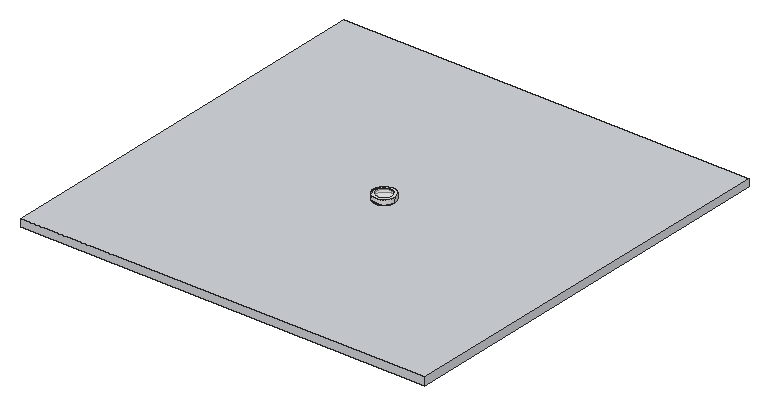
Revit family "P810024-030-30", category Lighting Fixtures, host Face, Revit 2014
Parameters (values of type "P810024-030-30")
  Watts = 12 W
  Wattage Comments = "12W"
  Wattage = 12 W
  Warranty = "1 year Warranty"  # constant formula
  built-in parameter 1150110 = 1 (stored number, unit not read)
  Voltage = 120 V
  URL = "https://www.hubbell.com/progresslighting/en"
  built-in parameter 1114217 = 1 (stored number, unit not read)
  Tilt Angle = -90.00°
  built-in parameter 1150109 = 1 (stored number, unit not read)
  built-in parameter 1150134 = 3
  built-in parameter 1150113 = 1 (stored number, unit not read)
  Product Link = "https://www.hubbell.com/progresslighting/en/Products/Lighting-Controls/Residential-Indoor-Lighting/New-Indoor-Products/Everlume-Collection-White-5-Edgelit-Round-Flush-Mount/p/4035406"
  Product Documentation Link = "https://hubbellcdn.com/specsheet/PROG_P810024-030-30_spec.pdf"
  Power Factor = 1
  Photometric Web File = "PROG_P810024-030-30_19.01734_testlabreports.ies"
  Model = "P810024-030-30"  # constant formula
  Manufacturer = "Progress Lighting"  # constant formula
  built-in parameter 1150105 = 95.493 (stored number, unit not read)
  Lumens = 1200 lm
  built-in parameter 1150115 = 1 (stored number, unit not read)
  Load Classification = Lighting
  built-in parameter 1150137 = (empty or 0)
  built-in parameter 1150139 = (empty or 0)
  built-in parameter 1150112 = 1 (stored number, unit not read)
  built-in parameter 1150114 = 1 (stored number, unit not read)
  built-in parameter 1150132 = (empty or 0)
  built-in parameter 1150102 = (empty or 0)
  built-in parameter 1150107 = 3200 (stored number, unit not read)
  built-in parameter 1150138 = (empty or 0)
  built-in parameter 1150106 = 0.95493 (stored number, unit not read)
  Glass = Hubbell - White Glass
  Lamp = "LED"  # constant formula
  Housing Material = Paint - Hubbell - White Texture
  Fixture distribution = "Direct"  # constant formula
  Features = "•\t5Inch diameter Everlume Edgelit surface mount with LED technology 3000K, 90 CRI, 800 lumens (delivered)\r\n•\tSimple installation to steel mounting plate\r\n•\tLight weight non-conductive polycarbonate luminaire construction\r\n•\tPolycarbonate diffuser and acrylic light guide controls glare and provides an evenly illuminated surface\r\n•\tIntegrated DC LED power supply capable of flicker-free dimming to 10% brightness with many Triac/Forward Phase and ELV/Reverse Phase dimmers\r\n•\tCan be installed to 4Inch octagonal j-box, 4x1/2Inch round shallow j-box and 4Inch round PVC j-box\r\n•\tCan be mounted on ceiling or wall\r\n•\tSuitable for use in IC or Non-IC applications\r\n•\tMeets California Title 24 JA8-2019 and is Energy Star listed\r\n•\tSuitable for use in clothes closets when installed in accordance with the NEC 410.16 spacing requirements.\r\n•\tMaximum 27 luminaires on a circuit (without dimmer).\r\n•\t50,000 hour rated lifetime\r\n\r\n"  # constant formula
  Emit from Circle Diameter = 4.50"
  Emit Shape Visible in Rendering = no
  built-in parameter 1150104 = 9.2903 (stored number, unit not read)
  Dimming Lamp Color Temperature Shift = <None>
  Diameter = 5.00"
  Description = "Edgelit technology creates a large glare-free and evenly illuminated surface for a variety of applications for both residential and commercial settings. Offering a low-profile design, LED Flush Mount is available in five sizes: 5Inch, 7Inch, 11Inch, 14Inch and 18Inch, in a White finish. The integrated driver does not recess into junction box, allowing for easy installation into 4Inch octagonal, 4Inch round PVC and 4-1/2Inch ceiling pan junction boxes. Wet location listed and offers a 50,000-hour LED life."  # constant formula
  Default Elevation = 48.00"
  Copyright = " ©2020 Progress Lighting, a division of Hubbell Lighting, Inc"  # constant formula
  Contact = "https://www.hubbell.com/progresslighting/en/contactUs"
  Connector Description = ""
  Color Filter = 16777215
  built-in parameter 1114218 = 1 (stored number, unit not read)
  built-in parameter 1150133 = 10 (stored number, unit not read)
  Assembly Code = "D5020200"
  Apparent Load = Watts / Power Factor  # 12 VA
Reference planes (in)
  plane 1 "Center (Front/Back)": y = 0
  plane 2: z = 0.5561
  plane 3 "Center (Left/Right)": x = 0
  plane 4: x = -2.5
  plane 5: x = 2.5
  plane 6: y = 2.5
  plane 7: y = -2.5
  plane 8: z = 1.6861
Forms (in)
  Extrusion 1, solid
    sketch origin (0, 0, 0) x (1, 0, 0) y (0, 1, 0)
      loop
        line (-48, 48) -> (-48, -48) -> (48, -48) -> (48, 48) -> (-48, 48)
    from 0.5561 to -1.25
  Sweep 2, solid, material "Paint - Hubbell - White Texture" <- "Housing Material"
    path origin (0, 0, 0) x (1, 0, 0) y (0, 1, 0)
      loop
        circle (0, 0) r 2.5
    profile origin (0, 2.5, 0) x (0, -1, 0) y (0, 0, 1)
      loop
        line (0, 0.5561) -> (0.06066, 0.5561) -> (0.06066, 1.62555) -> (0.66066, 1.62555) -> (0.66066, 1.6811) -> (0, 1.6811) -> (0, 0.5561)
  Extrusion 3, solid, material "Hubbell - White Glass" <- "Glass"
    sketch origin (0, 0, 0) x (1, 0, 0) y (0, 1, 0)
      loop
        circle (0, 0) r 2.5
    from 1.53 to 1.62555
  Extrusion 4, solid, material "Paint - Hubbell - White Texture" <- "Housing Material"
    sketch origin (0, 0, 0) x (1, 0, 0) y (0, 1, 0)
      loop
        circle (0, 0) r 2.5
    from 0.5561 to 0.67962
Dimensions and locks (in)
  "Diameter": plane 4 to plane 5
  equal spacing: plane 4, plane 3 "Center (Left/Right)", plane 5
  "Diameter": plane 7 to plane 6
  equal spacing: plane 7, plane 1 "Center (Front/Back)", plane 6
  aligned and locked: plane 2 to Extrusion 1
Automatic sketch dimensions
  Extrusion 1 sketch curve to Extrusion 1 sketch curve = 96.00"  (x2)
  plane 1 "Center (Front/Back)" to Sweep 2 sketch curve = 0.00"
  Sweep 2 sketch curve to plane 3 "Center (Left/Right)" = 0.00"
  plane 1 "Center (Front/Back)" to Extrusion 3 sketch curve = 0.00"
  Extrusion 3 sketch curve to plane 3 "Center (Left/Right)" = 0.00"
  profile plane to Sweep 2 sketch curve = 0.00"
  Sweep 2 sketch curve to Sweep 2 sketch curve = 0.06066"
  Sweep 2 sketch curve to profile plane = 0.66066"
  level to Sweep 2 sketch curve = 0.5561"
  Sweep 2 sketch curve to Sweep 2 sketch curve = 1.06945"
  Sweep 2 sketch curve to Sweep 2 sketch curve = 0.05555"
  plane 1 "Center (Front/Back)" to Extrusion 4 sketch curve = 0.00"
  Extrusion 4 sketch curve to plane 3 "Center (Left/Right)" = 0.00"
  radius of Sweep 2 sketch curve = 2.50"
  radius of Extrusion 3 sketch curve = 2.50"
  radius of Extrusion 4 sketch curve = 2.50"
Connectors (in)
  electrical at (0, 0, 0.5561), driven by "Voltage", driven by "Apparent Load", driven by "Power Factor", driven by "Connector Description"
    settings: on Sweep 2, index 1, voltage 120 V, apparent load 12 VA, apparent load phase1 0 VA, apparent load phase2 0 VA, apparent load phase3 0 VA, power factor 1, load classification "Other", number of poles 1, system type 30, power factor state 1, is connector primary yes, connector utility no, sub classification motor no, connector description ""
